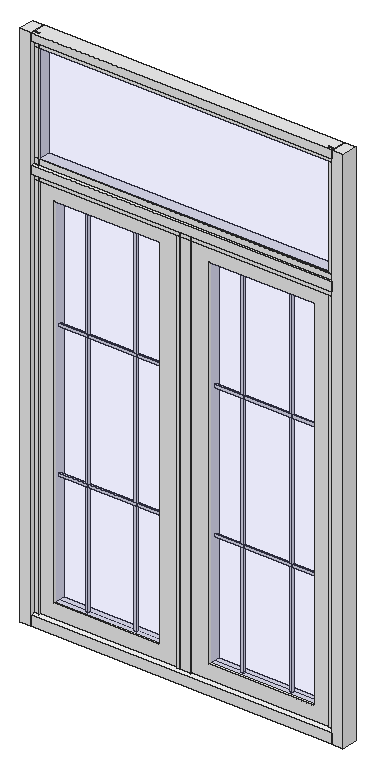
Revit family "Door_Curtain_Wall-Inswing_With_Transom-Traco-NX-8920-Double_Panel", category Curtain Panels, Revit 2015 (continued)
Definition of nested family "Muntin-Grid-Traco-Lites"
  Definition of nested family "Muntin-Trapezoid-Traco-Single"
    Lines and regions (in)
      Masking region 2, detail levels medium+fine
        outline origin (0, 0, 0) x (1, 0, 0) y (0, 1, 0)
          loop
            line (6, -0.5) -> (6, 0.5) -> (-6, 0.5) -> (-6, -0.5) -> (6, -0.5)
      Masking region 3, detail levels medium+fine
        outline origin (0, 0, 0) x (1, 0, 0) y (0, 0, 1)
          loop
            line (6, 0) -> (6, 0.625) -> (-6, 0.625) -> (-6, 0) -> (6, 0)
      symbolic lines, detail levels coarse
        curve 1: line (0, 0, 0) -> (0, 0, 0.625)
        curve 2: line (-6, 0, 0) -> (6, 0, 0)
        curve 3: line (-6, 0, 0) -> (-6, 0, 0.625)
        curve 4: line (-6, 0, 0.625) -> (6, 0, 0.625)
        curve 5: line (6, 0, 0.625) -> (6, 0, 0)
      model lines, detail levels coarse
        curve 6: line (-6, 0, 0) -> (6, 0, 0)
    Dimensions and locks (in)
      equal spacing: plane 4 "Left", plane 3 "Center (Left/Right)", plane 5 "Right"
      "Length": plane 4 "Left" to plane 5 "Right"
      equal spacing: plane 6 "Back", plane 1 "Center (Front/Back)", plane 7 "Front"
      "Width Base": plane 7 "Front" to plane 6 "Back"
      equal spacing: plane 8 "Back Inset", plane 1 "Center (Front/Back)", plane 9 "Front Inset"
      "Width Top": plane 9 "Front Inset" to plane 8 "Back Inset"
      locked: plane 11 "Bottom" to plane 2 "Original Bottom" at 0
      "Height": plane 10 "Top" to plane 11 "Bottom"
      aligned and locked: plane 2 "Original Bottom" to level
      aligned and locked: plane 4 "Left" to Sweep 1 sketch curve
      aligned and locked: Sweep 1 sketch curve to plane 1 "Center (Front/Back)"
      aligned and locked: plane 5 "Right" to Sweep 1 sketch curve
      aligned and locked: plane 7 "Front" to Sweep 1 sketch curve
      aligned and locked: plane 11 "Bottom" to Sweep 1 sketch curve  (x2)
      aligned and locked: plane 6 "Back" to Sweep 1 sketch curve
      aligned and locked: plane 10 "Top" to Sweep 1 sketch curve
      aligned and locked: plane 8 "Back Inset" to Sweep 1 sketch curve
      aligned and locked: plane 9 "Front Inset" to Sweep 1 sketch curve
      aligned and locked: Sweep 1 sketch curve to plane 10 "Top"
      aligned and locked: Masking region 1 sketch curve to plane 11 "Bottom"
      aligned and locked: plane 10 "Top" to Masking region 1 sketch curve
      aligned and locked: plane 8 "Back Inset" to Masking region 1 sketch curve
      aligned and locked: plane 9 "Front Inset" to Masking region 1 sketch curve
      aligned and locked: plane 7 "Front" to Masking region 1 sketch curve
      aligned and locked: plane 6 "Back" to Masking region 1 sketch curve
      aligned and locked: curve 1 to plane 1 "Center (Front/Back)"
      aligned and locked: plane 11 "Bottom" to curve 1
      aligned and locked: plane 10 "Top" to curve 1
      aligned and locked: plane 4 "Left" to curve 2
      aligned and locked: plane 5 "Right" to curve 2
      aligned and locked: plane 1 "Center (Front/Back)" to curve 2
      aligned and locked: Masking region 2 sketch curve to plane 4 "Left"
      aligned and locked: Masking region 2 sketch curve to plane 5 "Right"
      aligned and locked: Masking region 2 sketch curve to plane 6 "Back"
      aligned and locked: Masking region 2 sketch curve to plane 7 "Front"
      aligned and locked: Masking region 3 sketch curve to plane 4 "Left"
      aligned and locked: Masking region 3 sketch curve to plane 5 "Right"
      aligned and locked: plane 11 "Bottom" to Masking region 3 sketch curve
      aligned and locked: Masking region 3 sketch curve to plane 10 "Top"
      aligned and locked: plane 11 "Bottom" to curve 3
      aligned and locked: plane 11 "Bottom" to curve 5
      aligned and locked: curve 5 to plane 5 "Right"
      aligned and locked: curve 3 to plane 4 "Left"
      aligned and locked: curve 4 to plane 10 "Top"
      aligned and locked: plane 5 "Right" to curve 6
      aligned and locked: plane 4 "Left" to curve 6
      aligned and locked: plane 1 "Center (Front/Back)" to curve 6
